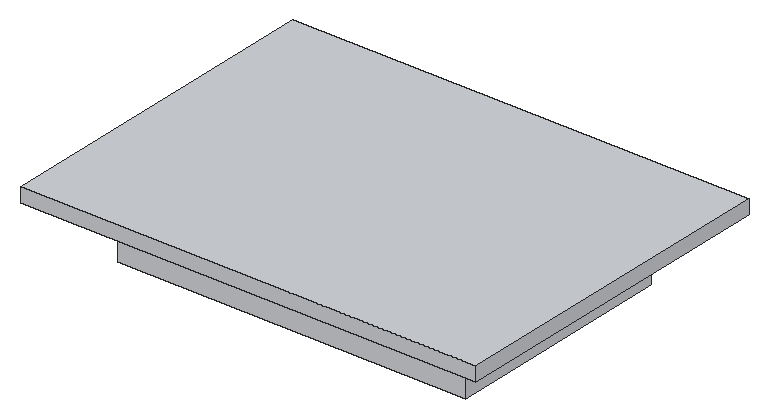
Revit family "9db31f4fd5eb45408b1acb00516a3f34", category Air Terminals, host Face, Revit 2021
Family settings
  Host = Face
  Round Connector Dimension = Use Diameter
  Part Type = Normal
  OmniClass Number = 23.75.70.21.27.11
  OmniClass Title = Diffusers, Registers, and Grilles
  Seek Item ID = Supply Register - Rectangular - Floor Mounted-0000-USA-ENU
  Cut with Voids When Loaded = No
  Shared = No
  Room Calculation Point = No
Parameters (values of type "6"x4"")
  Pressure Drop [instance] = 0.084 in-wg
  Half N = Half Width / (0' 0 3/4")  # 4
  Register Material = none
  Half Width = Duct Width / 2  # 3"
  Half Height = Duct Height / 2  # 2"
  Flow [instance] = 150 CFM
  Duct Width = 6"
  Duct Height = 4"
  Default Elevation = 4' - 0"
Types (11): name | Pressure Drop | Half N | Half Width | Half Height | Flow | Duct Width | Duct Height
  (no name) | 0.084 in-wg | 4 | 3" | 2" | 150 CFM | 6" | 4"
  6"x4" | 0.084 in-wg | 4 | 3" | 2" | 150 CFM | 6" | 4"
  6"x6" | 0.16 in-wg | 4 | 3" | 3" | 150 CFM | 6" | 6"
  8"x4" | 0.084 in-wg | 5 | 4" | 2" | 200 CFM | 8" | 4"
  10"x4" | 0.084 in-wg | 7 | 5" | 2" | 200 CFM | 10" | 4"
  12"x4" | 0.086 in-wg | 8 | 6" | 2" | 250 CFM | 12" | 4"
  12"x12" | 0.92 in-wg | 8 | 6" | 6" | 400 CFM | 12" | 12"
  16"x12" | 0.039 in-wg | 11 | 8" | 6" | 1000 CFM | 16" | 12"
  20"x12" | 0.05 in-wg | 13 | 10" | 6" | 1400 CFM | 20" | 12"
  24"x4" | 0.061 in-wg | 16 | 12" | 2" | 600 CFM | 24" | 4"
  24"x24" | 0.135 in-wg | 16 | 12" | 12" | 1800 CFM | 24" | 24"
Reference planes (in)
  plane 1 "Center (Front/Back)": y = 0
  plane 2: z = 0
  plane 3 "Center (Left/Right)": x = 0
  plane 4: x = -3
  plane 5: x = 3
  plane 6: y = 2
  plane 7: y = -2
  plane 8: x = 3.9375
  plane 9: x = -3.9375
  plane 10: y = 2.9375
  plane 11: y = -2.9375
  plane 12 "11": z = 0.25
  plane 13: z = -1
  plane 14: x = -0.75
  plane 15: x = 0.75
Forms (in)
  Extrusion 1, solid, material <- "Register Material"
    sketch origin (0, 0, 0) x (1, 0, 0) y (0, 1, 0)
      loop
        line (-3, -2) -> (3, -2) -> (3, 2) -> (-3, 2) -> (-3, -2)
    from 0 to -1
  Extrusion 2, solid, material <- "Register Material"
    sketch origin (0, 0, 0) x (1, 0, 0) y (0, 1, 0)
      loop
        line (-3.9375, -2.9375) -> (3.9375, -2.9375) -> (3.9375, 2.9375) -> (-3.9375, 2.9375) -> (-3.9375, -2.9375)
    from 0 to 0.25
Cuts and joins
  joined: Extrusion 1, Extrusion 2
Lines and regions (in)
  model lines
    curve 1: line (-3, -2, 0.25) -> (3, -2, 0.25)
    curve 2: line (-3, 2, 0.25) -> (-3, -2, 0.25)
    curve 3: line (3, 2, 0.25) -> (-3, 2, 0.25)
    curve 4: line (3, -2, 0.25) -> (3, 2, 0.25)
  symbolic lines
    curve 5: line (-3.9375, 2.9375, 0.25) -> (3.9375, 2.9375, 0.25)
    curve 6: line (-3.9375, -2.9375, 0.25) -> (-3.9375, 2.9375, 0.25)
    curve 7: line (3.9375, -2.9375, 0.25) -> (-3.9375, -2.9375, 0.25)
    curve 8: line (3.9375, 2.9375, 0.25) -> (3.9375, -2.9375, 0.25)
  symbolic lines, detail levels fine
    curve 9: line (-3, 2, 0.25) -> (3, 2, 0.25)
    curve 10: line (-3, -2, 0.25) -> (-3, 2, 0.25)
    curve 11: line (3, -2, 0.25) -> (-3, -2, 0.25)
    curve 12: line (3, 2, 0.25) -> (3, -2, 0.25)
Dimensions and locks (in)
  equal spacing: plane 4, plane 3 "Center (Left/Right)", plane 5
  "Half Width": plane 4 to plane 3 "Center (Left/Right)"
  equal spacing: plane 6, plane 1 "Center (Front/Back)", plane 7
  "Half Height": plane 6 to plane 1 "Center (Front/Back)"
  locked: plane 8 to plane 5 at 0.9375
  locked: plane 9 to plane 4 at 0.9375
  locked: plane 10 to plane 6 at 0.9375
  locked: plane 11 to plane 7 at 0.9375
  locked: plane 12 "11" to plane 2 at 0.25
  locked: plane 13 to plane 2 at 1
  plane 14 to plane 3 "Center (Left/Right)" to plane 15 = 0' - 0 3/4" locked, 0' - 0 3/4" locked
  equal spacing: group 1, group 2, group 3, group 4  (x3)
  equal spacing: group 7, group 6, group 5, group 1
  equal spacing: group 1, group 5, group 6, group 7  (x2)
  locked: connector elem to plane 3 "Center (Left/Right)"
  locked: connector elem to plane 1 "Center (Front/Back)"
  aligned and locked: plane 2 to host face
  aligned and locked: level to host face
  aligned and locked: plane 4 to Extrusion 1 sketch curve
  aligned and locked: Extrusion 1 sketch curve to plane 7
  aligned and locked: plane 6 to Extrusion 1 sketch curve
  aligned and locked: plane 5 to Extrusion 1 sketch curve
  aligned and locked: Extrusion 1 to plane 2
  aligned and locked: Extrusion 1 to plane 13
  aligned and locked: plane 9 to Extrusion 2 sketch curve
  aligned and locked: Extrusion 2 sketch curve to plane 11
  aligned and locked: plane 10 to Extrusion 2 sketch curve
  aligned and locked: plane 8 to Extrusion 2 sketch curve
  aligned and locked: Extrusion 2 to plane 2
  aligned and locked: plane 12 "11" to Extrusion 2
  aligned and locked: plane 3 "Center (Left/Right)" to nested 1
  aligned and locked: nested 1 to plane 12 "11"
  aligned and locked: plane 6 to nested 1
  aligned and locked: plane 7 to nested 1
  aligned and locked: plane 15 to nested 2
  aligned and locked: plane 14 to nested 5
  aligned and locked: Extrusion 1 to curve 1
  aligned and locked: curve 1 to Extrusion 1
  aligned and locked: curve 4 to Extrusion 1
  aligned and locked: curve 5 to cut or joined group of Extrusion 1, Extrusion 2  (x2)
  aligned and locked: cut or joined group of Extrusion 1, Extrusion 2 to curve 8
  aligned and locked: curve 8 to cut or joined group of Extrusion 1, Extrusion 2
  aligned and locked: cut or joined group of Extrusion 1, Extrusion 2 to plane 4
  aligned and locked: curve 9 to plane 6
  aligned and locked: curve 12 to curve 4
Automatic sketch dimensions
  curve 4 to plane 5 = 0' - 0"
  host sketch curve to host sketch curve = 6' - 5.05922"
  host sketch curve to host sketch curve = 8' - 0"
Nested families (in)
  nested 1: "Rectangular Floor Supply Air Register_Grid Line" at (0, 0, 0.25), type "Rectangular Floor Return Air Register_Grid Line"
  nested 2: "Rectangular Floor Supply Air Register_Grid Line" at (0.75, 0, 0.25), type "Rectangular Floor Return Air Register_Grid Line"
  nested 3: "Rectangular Floor Supply Air Register_Grid Line" at (1.5, 0, 0.25), type "Rectangular Floor Return Air Register_Grid Line"
  nested 4: "Rectangular Floor Supply Air Register_Grid Line" at (2.25, 0, 0.25), type "Rectangular Floor Return Air Register_Grid Line"
  nested 5: "Rectangular Floor Supply Air Register_Grid Line" at (-0.75, 0, 0.25), type "Rectangular Floor Return Air Register_Grid Line"
  nested 6: "Rectangular Floor Supply Air Register_Grid Line" at (-1.5, 0, 0.25), type "Rectangular Floor Return Air Register_Grid Line"
  nested 7: "Rectangular Floor Supply Air Register_Grid Line" at (-2.25, 0, 0.25), type "Rectangular Floor Return Air Register_Grid Line"
Connectors (in)
  hvac at (0, 0, -1), driven by "Duct Height", driven by "Duct Width", driven by "Flow", driven by "Pressure Drop"
    settings: on plane 13, index 1, duct flow 150 CFM, flow factor 0, pres drop 0.084 in-wg, loss coef 0, conn angle 0.00°, conn width 6", conn height 4", conn diameter 24", duct sys type 1, conn prof type 1, flow config 1, flow direction 1, loss method 4, conn ref index -1, conn util no, is conn primary yes, conn desc ""
Definition of nested family "Rectangular Floor Supply Air Register_Grid Line"
  Parameters
    Half Height = 0' - 2"
    Default Elevation = 0' - 0"
    Assembly Code = ""
  Reference planes (in)
    plane 1 "Center (Front/Back)": y = 0
    plane 2: z = 0
    plane 3 "Center (Left/Right)": x = 0
    plane 4: y = 2
    plane 5: y = -2
  Lines and regions (in)
    model lines
      curve 1: line (0, 2, 0) -> (0, -2, 0)
  Dimensions and locks (in)
    equal spacing: plane 4, plane 1 "Center (Front/Back)", plane 5
    "Half Height": plane 4 to plane 1 "Center (Front/Back)"
    aligned and locked: curve 1 to plane 3 "Center (Left/Right)"
    aligned and locked: plane 4 to curve 1
    aligned and locked: plane 5 to curve 1
